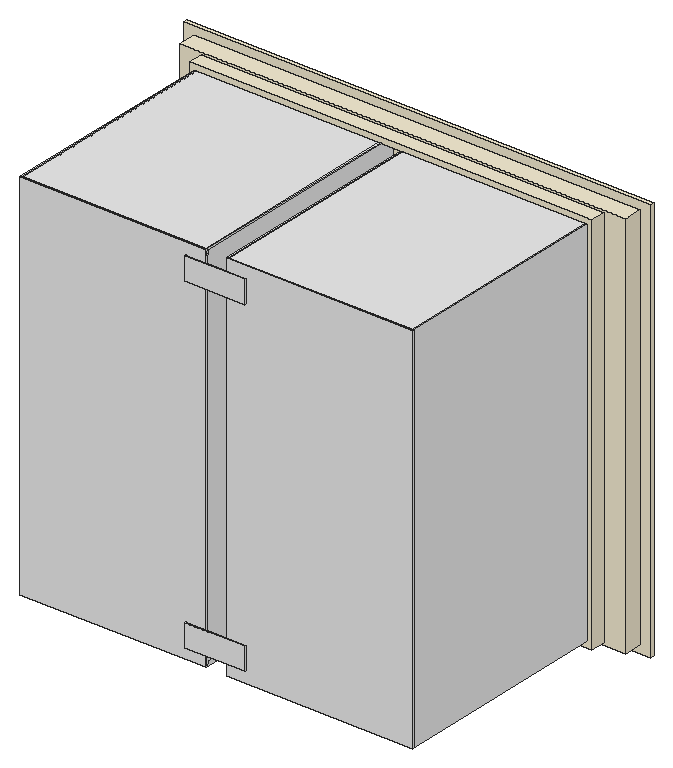
Revit family "Mailboxes_4C-Salsbury_Industries-Front_Load-7_Door_High_Units", category Specialty Equipment, host Wall, Revit 2016
Family settings
  Host = Wall
  Part Type = Normal
  Round Connector Dimension = Use Diameter
  OmniClass Number = 23.40.90.14.11
  OmniClass Title = Mail Boxes
  Always vertical = Yes
  Cut with Voids When Loaded = No
  Shared = No
  Room Calculation Point = No
Parameters (values of type "3707D-12 FL")
  Width = 31.09766"
  URL = "www.mailboxes.com"
  OmniClass 23 Title = "Mail Boxes"
  OmniClass 23 Number = "23.40.90.14.11"
  Visible Door Number [instance] = yes
  Vertical Center Divider = yes
  Version = "3.0 (06/30/17)"
  Type Comments = "4C Standard Horizontal Mailbox - Front Loading"
  Top Back Plate = yes
  Right Inside Wall = yes
  Model = "3707D-12 FL"
  MasterFormat Title = "Postal Specialties"
  MasterFormat Number = "10 55 00"
  Manufacturer = "Salsbury Industries"
  Lock Material = Stainless Steel - Salsbury Finish -  Polished
  Left Inside Wall = yes
  Keynote = ""
  Height = 27.000"
  Front Panel Material [instance] = Paint - Salsbury Finish - Sandstone
  Door Slot R7 Number [instance] = "12"
  Door Slot R7 = 3700 Series 4C Door Configurations : MB1 Door w/ Divider
  Door Slot R6 Number [instance] = "11"
  Door Slot R6 = 3700 Series 4C Door Configurations : MB1 Door w/ Divider
  Door Slot R5 Number [instance] = "10"
  Door Slot R5 = 3700 Series 4C Door Configurations : MB1 Door w/ Divider
  Door Slot R4 Number [instance] = "0"
  Door Slot R4 = 3700 Series 4C OM2 Configuration : OM2-FL
  Door Slot R3 Number [instance] = "0"
  Door Slot R3 = 3700 Series 4C Door Configurations : Empty
  Door Slot R2 Number [instance] = "9"
  Door Slot R2 = 3700 Series 4C Door Configurations : MB1 Door w/ Divider
  Door Slot R1 Number [instance] = "8"
  Door Slot R1 = 3700 Series 4C Door Configurations : MB1 Door
  Door Slot L7 Number [instance] = "7"
  Door Slot L7 = 3700 Series 4C Door Configurations : MB1 Door w/ Divider
  Door Slot L6 Number [instance] = "6"
  Door Slot L6 = 3700 Series 4C Door Configurations : MB1 Door w/ Divider
  Door Slot L5 Number [instance] = "5"
  Door Slot L5 = 3700 Series 4C Door Configurations : MB1 Door w/ Divider
  Door Slot L4 Number [instance] = "4"
  Door Slot L4 = 3700 Series 4C Door Configurations : MB1 Door w/ Divider
  Door Slot L3 Number [instance] = "3"
  Door Slot L3 = 3700 Series 4C Door Configurations : MB1 Door w/ Divider
  Door Slot L2 Number [instance] = "2"
  Door Slot L2 = 3700 Series 4C Door Configurations : MB1 Door w/ Divider
  Door Slot L1 Number [instance] = "1"
  Door Slot L1 = 3700 Series 4C Door Configurations : MB1 Door
  Description = "7 Door High Unit:  12 MB1, OM2"
  Depth = 17.025"
  Center Extrusion Offset [instance] = 0.000"
  Bottom Back Plate = yes
  Back Enclosure Material = Aluminum - Salsbury Finish - Anodized
  Assembly Description = "Mailboxes"
  Assembly Code = "C1030910"
  Above Finished Floor (AFF-Bottom of Unit) [instance] = 26.683"
  Above Finished Floor (AFF-Bottom Shelf) [instance] = 28.000"
Reference planes (in)
  plane 1 "Wall Centerline": y = 0
  plane 2 "Center (Left/Right)": x = 0
  plane 3 "Front": y = 3
  plane 4 "15" AFF": z = 28
  plane 5 "28" AFF": z = 28
  plane 6 "36" AFF": z = 36
  plane 7 "48" AFF": z = 48
  plane 8 "Bottom of Unit": z = 26.683
  plane 9 "Top of Unit": z = 53.683
  plane 10 "Left Side of Unit": x = 15.54883
  plane 11 "Right Side of Unit": x = -15.54883
  plane 12 "28" AFF_Bottom of Unit": z = 26.683
  plane 13 "Top Horiz Trim Align": z = 52.85225
  plane 14 "Bottom Horiz Trim Align": z = 27.515
  plane 15 "Left Trim Align": x = 14.716
  plane 16 "Right Trim Align": x = -14.716
  plane 17 "Left Door Align": x = 14.06641
  plane 18 "Right Door Align": x = -14.06641
  plane 19 "Top Horiz Door Align": z = 52.26125
  plane 20 "Bottom Horiz Door Align": z = 28
  plane 21 "Front Face of Unit": y = 3.265
  plane 22 "Top Housing Align": z = 53.179
  plane 23 "Top Collar Align": z = 53.031
  plane 24 "Top Box Align": z = 52.676
  plane 25 "Vertical Housing Align": y = 1.795
  plane 26 "Vertical Collar Align": y = 0.795
  plane 27 "Back of Unit": y = -13.76
  plane 28 "Bottom Housing Align": z = 27.187
  plane 29 "Bottom Collar Align": z = 27.335
  plane 30 "Bottom Box Align": z = 27.75
  plane 31 "Door Alignment": y = 2.66809
  plane 32 "Right Housing Align": x = -14.84183
  plane 33 "Right Collar Align": x = -13.40883
  plane 34 "Right Box Side Align": x = -13.08083
  plane 35 "Left Housing Align": x = 14.84183
  plane 36 "Left Collar Align": x = 13.40883
  plane 37 "Left Side Box Align": x = 13.08083
  plane 38 "Top Back Plate Align": z = 51.897
  plane 39 "Bottom Back Plate Align": z = 28.499
  plane 40 "Back": y = -3
  plane 41 "RO Left Side": x = 15.17383
  plane 42 "RO Right Side": x = -15.17383
  plane 43 "RO Bottom": z = 27.058
  plane 44 "RO Top": z = 53.308
  plane 45 "Horiz Centerline": z = 42.04237
  plane 46: z = 27.885
  plane 47: x = 12.99983
  plane 48: x = 12.92758
  plane 49 "Center Extrusion": x = 0
  plane 50 "Center Extrusion Offset": x = 0
  plane 51 "Row 7 Top Align": z = 31.5
  plane 52 "Row 6 Top Align": z = 35
  plane 53 "Row 5 Top Align": z = 38.5
  plane 54 "Row 4 Top Align": z = 42
  plane 55 "Row 3 Top Align": z = 45.5
  plane 56 "Row 2 Top Align": z = 49
  plane 57 "Row 16 Top Align-Private": z = 31.5
  plane 58 "Row 15 Top Align-Private": z = 35
  plane 59 "Row 14 Top Align-Private": z = 38.5
  plane 60 "Row 13 Top Align-Private": z = 42
  plane 61 "Row 12 Top Align-Private": z = 45.5
  plane 62 "Row 11 Top Align-Private": z = 49
  plane 63 "Row 10 Top Align-Private": z = 52.25
  plane 64 "Row 9 Top Align-Private": z = 55.75
  plane 65 "Row 8 Top Align-Private": z = 59.25
  plane 66 "Top of Face Gap": z = 61.25
  plane 67 "Top Latch Align": z = 44.376
  plane 68 "Bottom Latch Align": z = 36.05
  plane 69 "Right Latch Align": x = -0.69183
  plane 70 "Left Latch Align": x = 0.69098
  plane 71 "Latch Alignment Edge": x = -15.54883
  plane 72: x = -12.92783
  plane 73: x = -12.99983
  plane 74: y = -13.84203
  plane 75: x = -2
  plane 76: x = -0.7705
  plane 77: x = 0.7705
  plane 78: x = 2
  plane 79: y = -13.67797
  plane 80: x = -0.69098
  plane 81: x = 0.69183
  plane 82: z = 50.397
  plane 83: z = 29.999
  plane 84: z = 52.31729
  plane 85: z = 28.41625
  plane 86: z = 27.446
  plane 87: z = 28.055
Forms (in)
  Extrusion 1, void
    sketch origin (0, 3, 0) x (1, 0, 0) y (0, 0, 1)
      loop
        line (15.17383, 53.308) -> (-15.17383, 53.308) -> (-15.17383, 27.058) -> (15.17383, 27.058) -> (15.17383, 53.308)
    from 0 to 15.27914
  Extrusion 2, solid, material "Paint - Salsbury Finish - Sandstone" <- "Front Panel Material"
    sketch origin (0, 3, 0) x (1, 0, 0) y (0, 0, 1)
      loop
        line (15.54883, 53.683) -> (-15.54883, 53.683) -> (-15.54883, 26.683) -> (15.54883, 26.683) -> (15.54883, 53.683)
    from -0.265 to 0
  Extrusion 3, void
    sketch origin (0, 3.265, 0.00774) x (0, 0, -1) y (-1, 0, 0)
      loop
        line (-52.84451, -14.716) -> (-27.50726, -14.716) -> (-27.50726, 14.716) -> (-52.84451, 14.716) -> (-52.84451, -14.716)
    from -0.265 to 0
  Extrusion 4, solid, material "Paint - Salsbury Finish - Sandstone" <- "Front Panel Material"
    sketch origin (14.98214, 3.265, -1.67978) x (0, 0, -1) y (-1, 0, 0)
      loop
        line (-54.53203, 29.69814) -> (-54.53203, 29.04855) -> (-29.19478, 29.04855) -> (-29.19478, 29.69814) -> (-54.53203, 29.69814)
    from 0 to -0.265
  Extrusion 5, solid, material "Paint - Salsbury Finish - Sandstone" <- "Front Panel Material"
    sketch origin (0, 3.265, 0) x (0, 0, -1) y (-1, 0, 0)
      loop
        line (-27.515, -14.06641) -> (-27.515, 14.06641) -> (-28, 14.06641) -> (-28, -14.06641) -> (-27.515, -14.06641)
    from -0.265 to 0
  Extrusion 6, solid, material "Paint - Salsbury Finish - Sandstone" <- "Front Panel Material"
    sketch origin (0, 3, 84.08475) x (1, 0, 0) y (0, 0, 1)
      loop
        line (-14.84183, -56.89775) -> (14.84183, -56.89775) -> (14.84183, -30.90575) -> (-14.84183, -30.90575) -> (-14.84183, -56.89775)
    from 0 to 1.205
  Extrusion 7, solid, material "Paint - Salsbury Finish - Sandstone" <- "Front Panel Material"
    sketch origin (0, 1.795, 0) x (0, 0, 1) y (-1, 0, 0)
      loop
        line (27.335, 13.40883) -> (27.335, -13.40883) -> (53.031, -13.40883) -> (53.031, 13.40883) -> (27.335, 13.40883)
    from 0 to 1
  Extrusion 8, void
    sketch origin (0, 1.795, 0) x (0, 0, 1) y (-1, 0, 0)
      loop
        line (52.676, 13.08083) -> (27.75, 13.08083) -> (27.75, -13.08083) -> (52.676, -13.08083) -> (52.676, 13.08083)
    from 0 to 1
  Extrusion 9, solid, material "Paint - Salsbury Finish - Sandstone" <- "Front Panel Material"
    sketch origin (0, 3.265, 0) x (0, 0, -1) y (-1, 0, 0)
      loop
        line (-52.85225, -14.716) -> (-27.515, -14.716) -> (-27.515, -14.06641) -> (-52.85225, -14.06641) -> (-52.85225, -14.716)
    from 0 to -0.265
  Extrusion 10, solid, material "Paint - Salsbury Finish - Sandstone" <- "Front Panel Material"
    sketch origin (0, 3.265, 0) x (0, 0, -1) y (-1, 0, 0)
      loop
        line (-52.85225, -14.06641) -> (-52.26125, -14.06641) -> (-52.26125, 14.06641) -> (-52.85225, 14.06641) -> (-52.85225, -14.06641)
    from -0.265 to 0
  Extrusion 11, void
    sketch origin (0, 1.795, 0) x (0, 0, 1) y (-1, 0, 0)
      loop
        line (53.031, -13.40883) -> (53.031, 13.40883) -> (27.335, 13.40883) -> (27.335, -13.40883) -> (53.031, -13.40883)
    from -1.124 to 0
  Extrusion 12, void
    sketch origin (0, 3, 0) x (1, 0, 0) y (0, 0, 1)
      loop
        line (14.06641, 53.031) -> (-14.06641, 53.031) -> (-14.06641, 27.335) -> (14.06641, 27.335) -> (14.06641, 53.031)
    from 0 to 0.33191
  Extrusion 13, solid, material "Aluminum - Salsbury Finish - Anodized" <- "Back Enclosure Material"
    sketch origin (-0.58189, 1.795, 0) x (0, 0, 1) y (-1, 0, 0)
      loop
        line (52.676, 12.49894) -> (27.75, 12.49894) -> (27.75, 12.41794) -> (52.676, 12.41794) -> (52.676, 12.49894)
    from 0 to 15.47297
  Extrusion 14, solid, material "Aluminum - Salsbury Finish - Anodized" <- "Back Enclosure Material", visible <- "Right Inside Wall"
    sketch origin (11.7675, 1.795, 0) x (0, 0, 1) y (-1, 0, 0)
      loop
        line (52.676, 12.538) -> (27.75, 12.538) -> (27.75, 12.45933) -> (52.676, 12.45933) -> (52.676, 12.538)
    from 0 to 15.47297
  Extrusion 15, solid, material "Aluminum - Salsbury Finish - Anodized" <- "Back Enclosure Material"
    sketch origin (0.54283, 1.795, 0) x (0, 0, 1) y (-1, 0, 0)
      loop
        line (52.676, -12.538) -> (52.676, -12.457) -> (27.75, -12.457) -> (27.75, -12.538) -> (52.676, -12.538)
    from 0 to 15.47297
  Extrusion 16, solid, material "Aluminum - Salsbury Finish - Anodized" <- "Back Enclosure Material", visible <- "Left Inside Wall"
    sketch origin (-11.7675, 1.795, 0) x (0, 0, 1) y (-1, 0, 0)
      loop
        line (52.676, -12.538) -> (52.676, -12.45849) -> (27.75, -12.45849) -> (27.75, -12.538) -> (52.676, -12.538)
    from 0 to 15.47297
  Extrusion 17, solid, material "Aluminum - Salsbury Finish - Anodized" <- "Back Enclosure Material"
    sketch origin (0, -13.76, 0) x (0, 0, 1) y (-1, 0, 0)
      loop
        line (52.676, 13.08083) -> (27.75, 13.08083) -> (27.75, -13.08083) -> (52.676, -13.08083) -> (52.676, 13.08083)
    from -0.08203 to 0
  Extrusion 18, solid, material "Aluminum - Salsbury Finish - Anodized" <- "Back Enclosure Material"
    sketch origin (-0.15625, 0, 52.676) x (0, 1, 0) y (-1, 0, 0)
      loop
        line (1.795, 12.84358) -> (-13.67797, 12.84358) -> (-13.67797, -13.15608) -> (1.795, -13.15608) -> (1.795, 12.84358)
    from -0.35871 to 0
  Extrusion 19, void
    sketch origin (0, 0, 52.676) x (0, 1, 0) y (-1, 0, 0)
      loop
        line (1.7325, 12.93342) -> (-13.61547, 12.93342) -> (-13.61547, -12.92758) -> (1.7325, -12.92758) -> (1.7325, 12.93342)
    from -0.0723 to -0.6459
  Extrusion 20, solid, material "Aluminum - Salsbury Finish - Anodized" <- "Back Enclosure Material"
    sketch origin (0, 0, 15.41625) x (1, 0, 0) y (0, 1, 0)
      loop
        line (-12.99983, 1.795) -> (-12.99983, -13.67797) -> (12.99983, -13.67797) -> (12.99983, 1.795) -> (-12.99983, 1.795)
    from 12.46875 to 13
  Extrusion 21, void
    sketch origin (0, 0, 27.91625) x (1, 0, 0) y (0, 1, 0)
      loop
        line (-12.93342, 1.7325) -> (-12.93342, -13.61547) -> (12.92758, -13.61547) -> (12.92758, 1.7325) -> (-12.93342, 1.7325)
    from 0.13875 to -0.47025
  Extrusion 22, solid, material "Aluminum - Salsbury Finish - Anodized" <- "Back Enclosure Material", visible <- "Top Back Plate", detail levels medium+fine
    sketch origin (0, -13.76, 0) x (0, 0, 1) y (-1, 0, 0)
      loop
        line (51.897, 2) -> (50.397, 2) -> (50.397, -2) -> (51.897, -2) -> (51.897, 2)
    from 0 to 0.08203
  Extrusion 23, solid, material "Aluminum - Salsbury Finish - Anodized" <- "Back Enclosure Material", visible <- "Bottom Back Plate", detail levels medium+fine
    sketch origin (0, -13.76, 84.11475) x (0, 0, -1) y (1, 0, 0)
      loop
        line (55.61575, -2) -> (55.61575, 2) -> (54.11575, 2) -> (54.11575, -2) -> (55.61575, -2)
    from 0 to 0.08203
  Extrusion 24, void
    sketch origin (0, 0, 0) x (0, 0, -1) y (0, 1, 0)
      loop
        line (-52.676, 1.795) -> (-52.676, -13.76) -> (-27.75, -13.76) -> (-27.75, 1.795) -> (-27.515, 1.795) -> (-27.515, 3.265) -> (-52.85225, 3.265) -> (-52.85225, 1.795) -> (-52.676, 1.795)
    from -0.69098 to 0.69183
  Extrusion 25, solid, material "Paint - Salsbury Finish - Sandstone" <- "Front Panel Material", visible <- "Vertical Center Divider"
    sketch origin (-0.77934, 3.265, 0) x (0, 0, -1) y (-1, 0, 0)
      loop
        line (-52.85225, -1.47033) -> (-27.515, -1.47033) -> (-27.515, -0.08752) -> (-52.85225, -0.08752) -> (-52.85225, -1.47033)
    from 0 to -1.47
Cuts and joins
  Extrusion 3, Extrusion 11, Extrusion 24 cuts Extrusion 2
  Extrusion 8, Extrusion 11, Extrusion 12, Extrusion 24 cuts Extrusion 5
  Extrusion 8, Extrusion 12, Extrusion 19, Extrusion 24 cuts Extrusion 7
  Extrusion 11, Extrusion 12, Extrusion 24 cuts Extrusion 10
  Extrusion 11, Extrusion 12 cuts Extrusion 6
  Extrusion 12 cuts Extrusion 4
  Extrusion 12 cuts Extrusion 9
  Extrusion 19, Extrusion 21, Extrusion 24 cuts Extrusion 18
  Extrusion 21, Extrusion 24 cuts Extrusion 20
  Extrusion 24 cuts Extrusion 17
  Extrusion 24 cuts Extrusion 22
  Extrusion 24 cuts Extrusion 23
Lines and regions (in)
  model lines
    curve 1: line (15.54883, 3.265, 53.683) -> (14.716, 3.265, 52.85225)
    curve 2: line (-15.54883, 3.265, 53.683) -> (-14.716, 3.265, 52.85225)
    curve 3: line (-15.54883, 3.265, 26.683) -> (-14.716, 3.265, 27.515)
    curve 4: line (15.54883, 3.265, 26.683) -> (14.716, 3.265, 27.515)
  reference lines
    curve 5: line (-14.06641, 2.66809, 26.683) -> (-14.06641, 2.66809, 53.683)
    curve 6: line (14.06641, 2.66809, 26.683) -> (14.06641, 2.66809, 53.683)
  symbolic lines
    curve 7: line (-13.08083, -13.76, 28) -> (13.08083, -13.76, 28)
    curve 8: line (-13.08083, 0.795, 28) -> (-13.08083, -13.76, 28)
    curve 9: line (13.40883, 0.795, 28) -> (-13.40883, 0.795, 28)
    curve 10: line (13.08083, -13.76, 28) -> (13.08083, 0.795, 28)
    curve 11: line (13.40883, 0.795, 28) -> (13.40883, 1.795, 28)
    curve 12: line (-13.40883, 0.795, 28) -> (-13.40883, 1.795, 28)
    curve 13: line (-14.84183, 3, 28) -> (-14.84183, 1.795, 28)
    curve 14: line (-14.84183, 1.795, 28) -> (14.84183, 1.795, 28)
    curve 15: line (14.84183, 1.795, 28) -> (14.84183, 3, 28)
    curve 16: line (-15.54883, 3.265, 28) -> (15.54883, 3.265, 28)
    curve 17: line (-15.54883, 3, 28) -> (-15.54883, 3.265, 28)
    curve 18: line (15.54883, 3, 28) -> (-15.54883, 3, 28)
    curve 19: line (15.54883, 3.265, 28) -> (15.54883, 3, 28)
    curve 20: line (-14.06641, 3.265, 28) -> (-14.06641, 4.43, 28)
    curve 21: line (-14.06641, 4.43, 28) -> (-0.69183, 4.43, 28)
    curve 22: line (-0.69183, 4.43, 28) -> (-0.69183, 3.265, 28)
Text (in)
  text "Placement Side" at (0, 40.15149, 123.01588), in view "Right"
  text "Placement Side" at (-58.6842, 42.74981, 0), in view "Ref. Level"
  text "Placement Side" at (0, 47.49176, 140.59947), in view "Left"
Dimensions and locks (in)
  locked: plane 3 "Front" to host wall
  "Above Finished Floor (AFF-Bottom Shelf)": level to plane 4 "15" AFF"
  locked: level to plane 5 "28" AFF" at 28
  locked: level to plane 6 "36" AFF" at 36
  locked: level to plane 7 "48" AFF" at 48
  equal spacing: plane 11 "Right Side of Unit", plane 2 "Center (Left/Right)", plane 10 "Left Side of Unit"
  plane 8 "Bottom of Unit" to plane 4 "15" AFF" = 1.317"
  "Width": plane 11 "Right Side of Unit" to plane 10 "Left Side of Unit"
  "Height": plane 8 "Bottom of Unit" to plane 9 "Top of Unit"
  plane 12 "28" AFF_Bottom of Unit" to plane 5 "28" AFF" = 1.317"
  locked: plane 15 "Left Trim Align" to plane 10 "Left Side of Unit" at 0.83283
  locked: plane 16 "Right Trim Align" to plane 11 "Right Side of Unit" at 0.83283
  locked: plane 13 "Top Horiz Trim Align" to plane 9 "Top of Unit" at 0.83075
  locked: plane 8 "Bottom of Unit" to plane 14 "Bottom Horiz Trim Align" at 0.832
  plane 17 "Left Door Align" to plane 15 "Left Trim Align" = 0.64959"
  plane 18 "Right Door Align" to plane 16 "Right Trim Align" = 0.64959"
  locked: plane 19 "Top Horiz Door Align" to plane 13 "Top Horiz Trim Align" at 0.591
  locked: plane 14 "Bottom Horiz Trim Align" to plane 20 "Bottom Horiz Door Align" at 0.485
  plane 20 "Bottom Horiz Door Align" to level = 28.000"
  plane 5 "28" AFF" to level = 28.000"
  plane 6 "36" AFF" to level = 36.000"
  plane 7 "48" AFF" to level = 48.000"
  plane 9 "Top of Unit" to plane 8 "Bottom of Unit" = 27.000"
  plane 21 "Front Face of Unit" to host wall = 0.265"
  locked: host wall to plane 25 "Vertical Housing Align" at 1.205
  locked: plane 25 "Vertical Housing Align" to plane 26 "Vertical Collar Align" at 1
  plane 25 "Vertical Housing Align" to plane 27 "Back of Unit" = 15.555"
  "Depth": plane 21 "Front Face of Unit" to plane 27 "Back of Unit"
  locked: plane 9 "Top of Unit" to plane 22 "Top Housing Align" at 0.504
  locked: plane 22 "Top Housing Align" to plane 23 "Top Collar Align" at 0.148
  locked: plane 23 "Top Collar Align" to plane 24 "Top Box Align" at 0.355
  locked: plane 28 "Bottom Housing Align" to plane 8 "Bottom of Unit" at 0.504
  locked: plane 29 "Bottom Collar Align" to plane 28 "Bottom Housing Align" at 0.148
  locked: plane 30 "Bottom Box Align" to plane 29 "Bottom Collar Align" at 0.415
  plane 24 "Top Box Align" to plane 30 "Bottom Box Align" = 24.926"  (x2)
  locked: plane 21 "Front Face of Unit" to plane 31 "Door Alignment" at 0.59691
  plane 11 "Right Side of Unit" to plane 32 "Right Housing Align" to plane 33 "Right Collar Align" to plane 34 "Right Box Side Align" = 0.707" locked, 1.433" locked, 0.328" locked
  plane 37 "Left Side Box Align" to plane 36 "Left Collar Align" to plane 35 "Left Housing Align" to plane 10 "Left Side of Unit" = 0.328" locked, 1.433" locked, 0.707" locked
  plane 11 "Right Side of Unit" to plane 32 "Right Housing Align" to plane 33 "Right Collar Align" to plane 34 "Right Box Side Align" = 0.707", 1.433", 0.328"
  plane 37 "Left Side Box Align" to plane 36 "Left Collar Align" to plane 35 "Left Housing Align" to plane 10 "Left Side of Unit" = 0.328", 1.433", 0.707"
  plane 9 "Top of Unit" to plane 24 "Top Box Align" = 1.007"
  plane 30 "Bottom Box Align" to plane 8 "Bottom of Unit" = 1.067"
  locked: plane 24 "Top Box Align" to plane 38 "Top Back Plate Align" at 0.779
  locked: plane 39 "Bottom Back Plate Align" to plane 30 "Bottom Box Align" at 0.749
  locked: plane 41 "RO Left Side" to plane 10 "Left Side of Unit" at 0.375
  locked: plane 42 "RO Right Side" to plane 11 "Right Side of Unit" at 0.375
  locked: plane 8 "Bottom of Unit" to plane 43 "RO Bottom" at 0.375
  locked: plane 44 "RO Top" to plane 9 "Top of Unit" at 0.375
  Extrusion 13 to Extrusion 13 = 0.081"
  plane 46 to plane 30 "Bottom Box Align" = 0.135"
  Extrusion 15 to Extrusion 15 = 0.081"
  plane 47 to plane 37 "Left Side Box Align" = 0.081"
  plane 48 to plane 47 = 0.07225"
  plane 18 "Right Door Align" to plane 17 "Left Door Align" = 28.13281"
  "Center Extrusion Offset": plane 49 "Center Extrusion" to plane 50 "Center Extrusion Offset"
  plane 20 "Bottom Horiz Door Align" to plane 51 "Row 7 Top Align" to plane 52 "Row 6 Top Align" to plane 53 "Row 5 Top Align" to plane 54 "Row 4 Top Align" to plane 55 "Row 3 Top Align" to plane 56 "Row 2 Top Align" = 3.500", 3.500" locked, 3.500" locked, 3.500" locked, 3.500" locked, 3.500" locked
  plane 4 "15" AFF" to plane 57 "Row 16 Top Align-Private" = 3.500"
  plane 57 "Row 16 Top Align-Private" to plane 58 "Row 15 Top Align-Private" to plane 59 "Row 14 Top Align-Private" to plane 60 "Row 13 Top Align-Private" to plane 61 "Row 12 Top Align-Private" to plane 62 "Row 11 Top Align-Private" to plane 63 "Row 10 Top Align-Private" to plane 64 "Row 9 Top Align-Private" to plane 65 "Row 8 Top Align-Private" = 3.500" locked, 3.500" locked, 3.500" locked, 3.500" locked, 3.500" locked, 3.250" locked, 3.500" locked, 3.500" locked
  locked: plane 65 "Row 8 Top Align-Private" to plane 66 "Top of Face Gap" at 2
  "Above Finished Floor (AFF-Bottom of Unit)": level to plane 8 "Bottom of Unit"
  locked: plane 69 "Right Latch Align" to plane 70 "Left Latch Align" at 1.38281
  plane 24 "Top Box Align" to plane 67 "Top Latch Align" = 8.300"
  plane 68 "Bottom Latch Align" to plane 30 "Bottom Box Align" = 8.300"
  plane 71 "Latch Alignment Edge" to plane 69 "Right Latch Align" = 14.857"
  curve 15 to curve 19 = 0.707"
  plane 34 "Right Box Side Align" to plane 73 to plane 72 = 0.081", 0.072"
  plane 74 to plane 27 "Back of Unit" = 0.08203"
  plane 27 "Back of Unit" to plane 79 = 0.08203"
  cut or joined group of Extrusion 6, Extrusion 11, Extrusion 12 to Extrusion 25 = 25.66525"
  plane 75 to plane 76 to plane 69 "Right Latch Align" to plane 50 "Center Extrusion Offset" = 1.2295", 0.07867", 0.69183"
  plane 50 "Center Extrusion Offset" to plane 70 "Left Latch Align" to plane 77 to plane 78 = 0.69098", 0.07952", 1.2295"
  plane 80 to plane 49 "Center Extrusion" to plane 81 = 0.69098" locked, 0.69183" locked
  plane 11 "Right Side of Unit" to Extrusion 2 = 31.09766"
  plane 10 "Left Side of Unit" to Extrusion 6 = 30.39066"
  plane 38 "Top Back Plate Align" to plane 82 = 1.500"
  plane 83 to plane 39 "Bottom Back Plate Align" = 1.500"
  plane 4 "15" AFF" to Extrusion 13 = 24.676"
  plane 4 "15" AFF" to Extrusion 14 = 24.676"
  Extrusion 14 to Extrusion 16 = 24.926"
  Extrusion 16 to Extrusion 15 = 24.926"
  locked: plane 84 to plane 24 "Top Box Align" at 0.35871
  plane 14 "Bottom Horiz Trim Align" to plane 85 = 0.90125"
  plane 86 to plane 30 "Bottom Box Align" to plane 87 = 0.304" locked, 0.305" locked
  aligned and locked: plane 8 "Bottom of Unit" to Extrusion 2 sketch curve
  aligned and locked: plane 10 "Left Side of Unit" to Extrusion 2 sketch curve
  aligned and locked: Extrusion 2 sketch curve to plane 11 "Right Side of Unit"
  aligned and locked: Extrusion 2 sketch curve to plane 9 "Top of Unit"
  aligned and locked: plane 21 "Front Face of Unit" to Extrusion 2
  aligned and locked: Extrusion 4 to plane 16 "Right Trim Align"
  aligned and locked: plane 18 "Right Door Align" to Extrusion 4
  aligned and locked: plane 13 "Top Horiz Trim Align" to Extrusion 4
  aligned and locked: Extrusion 5 to plane 14 "Bottom Horiz Trim Align"
  aligned and locked: Extrusion 5 to plane 17 "Left Door Align"
  aligned and locked: plane 20 "Bottom Horiz Door Align" to Extrusion 5
  aligned and locked: Extrusion 5 to plane 18 "Right Door Align"
  aligned and locked: plane 34 "Right Box Side Align" to Extrusion 17 sketch curve
  aligned and locked: Extrusion 17 sketch curve to plane 24 "Top Box Align"
  aligned and locked: Extrusion 17 sketch curve to plane 37 "Left Side Box Align"
  aligned and locked: plane 30 "Bottom Box Align" to Extrusion 17 sketch curve
  aligned and locked: plane 25 "Vertical Housing Align" to Extrusion 18 sketch curve
  aligned and locked: Extrusion 18 sketch curve to plane 47
  aligned and locked: plane 48 to Extrusion 19
  aligned and locked: plane 47 to cut or joined group of Extrusion 18, Extrusion 19, Extrusion 21, Extrusion 24
  aligned and locked: plane 25 "Vertical Housing Align" to Extrusion 20 sketch curve
  aligned and locked: Extrusion 20 sketch curve to plane 47
  aligned and locked: plane 48 to cut or joined group of Extrusion 20, Extrusion 21, Extrusion 24
  aligned and locked: plane 17 "Left Door Align" to cut or joined group of Extrusion 9, Extrusion 12
  aligned and locked: plane 25 "Vertical Housing Align" to Extrusion 25
  aligned and locked: plane 21 "Front Face of Unit" to Extrusion 25
  aligned and locked: nested 1 to plane 56 "Row 2 Top Align"
  aligned and locked: nested 8 to plane 17 "Left Door Align"
  aligned and locked: nested 8 to plane 56 "Row 2 Top Align"
  aligned and locked: plane 31 "Door Alignment" to nested 8  (x2)
  aligned and locked: nested 9 to plane 17 "Left Door Align"
  aligned and locked: nested 9 to plane 55 "Row 3 Top Align"
  aligned and locked: plane 31 "Door Alignment" to nested 9  (x2)
  aligned and locked: nested 7 to curve 5
  aligned and locked: nested 6 to curve 5
  aligned and locked: nested 5 to curve 5
  aligned and locked: nested 3 to curve 5
  aligned and locked: nested 14 to curve 6
  aligned and locked: nested 13 to curve 6
  aligned and locked: nested 12 to curve 6
  aligned and locked: nested 11 to curve 6
  aligned and locked: nested 10 to curve 6
  aligned and locked: nested 9 to curve 6
  aligned and locked: nested 8 to curve 6
  aligned and locked: plane 31 "Door Alignment" to nested 6
  aligned and locked: plane 31 "Door Alignment" to nested 13
  aligned and locked: plane 31 "Door Alignment" to nested 5
  aligned and locked: plane 31 "Door Alignment" to nested 3
  aligned and locked: plane 31 "Door Alignment" to nested 10
  aligned and locked: plane 31 "Door Alignment" to nested 12
  aligned and locked: plane 31 "Door Alignment" to nested 2
  aligned and locked: plane 31 "Door Alignment" to nested 4
  aligned and locked: nested 1 to curve 5
  aligned and locked: nested 2 to curve 5
  aligned and locked: nested 4 to curve 5
  aligned and locked: plane 31 "Door Alignment" to nested 1
  aligned and locked: plane 31 "Door Alignment" to nested 7
  aligned and locked: plane 11 "Right Side of Unit" to plane 71 "Latch Alignment Edge"
  aligned and locked: plane 37 "Left Side Box Align" to curve 10
  aligned and locked: plane 27 "Back of Unit" to curve 7
  aligned and locked: curve 8 to plane 34 "Right Box Side Align"
  aligned and locked: curve 9 to plane 26 "Vertical Collar Align"
  aligned and locked: curve 13 to cut or joined group of Extrusion 6, Extrusion 11, Extrusion 12
  aligned and locked: curve 14 to cut or joined group of Extrusion 6, Extrusion 11, Extrusion 12
  aligned and locked: curve 15 to cut or joined group of Extrusion 6, Extrusion 11, Extrusion 12
  aligned and locked: nested 1 to curve 20
  aligned and locked: plane 69 "Right Latch Align" to curve 22
  aligned and locked: plane 21 "Front Face of Unit" to cut or joined group of Extrusion 2, Extrusion 3, Extrusion 11, Extrusion 24
  aligned and locked: plane 3 "Front" to cut or joined group of Extrusion 2, Extrusion 3, Extrusion 11, Extrusion 24
  aligned and locked: plane 35 "Left Housing Align" to cut or joined group of Extrusion 6, Extrusion 11, Extrusion 12  (x2)
  aligned and locked: plane 25 "Vertical Housing Align" to cut or joined group of Extrusion 6, Extrusion 11, Extrusion 12
  aligned and locked: cut or joined group of Extrusion 6, Extrusion 11, Extrusion 12 to plane 3 "Front"
  aligned and locked: cut or joined group of Extrusion 6, Extrusion 11, Extrusion 12 to plane 32 "Right Housing Align"
  aligned and locked: plane 26 "Vertical Collar Align" to cut or joined group of Extrusion 7, Extrusion 8, Extrusion 12, Extrusion 19, Extrusion 24
  aligned and locked: cut or joined group of Extrusion 7, Extrusion 8, Extrusion 12, Extrusion 19, Extrusion 24 to plane 33 "Right Collar Align"
  aligned and locked: cut or joined group of Extrusion 7, Extrusion 8, Extrusion 12, Extrusion 19, Extrusion 24 to plane 25 "Vertical Housing Align"
  aligned and locked: plane 36 "Left Collar Align" to cut or joined group of Extrusion 7, Extrusion 8, Extrusion 12, Extrusion 19, Extrusion 24
  aligned and locked: plane 37 "Left Side Box Align" to Extrusion 15
  aligned and locked: Extrusion 15 to plane 47  (x2)
  aligned and locked: plane 27 "Back of Unit" to cut or joined group of Extrusion 17, Extrusion 24
  aligned and locked: Extrusion 13 to plane 34 "Right Box Side Align"
  aligned and locked: plane 37 "Left Side Box Align" to cut or joined group of Extrusion 17, Extrusion 24
  aligned and locked: plane 73 to Extrusion 13
  aligned and locked: cut or joined group of Extrusion 18, Extrusion 19, Extrusion 21, Extrusion 24 to plane 73
  aligned and locked: plane 74 to cut or joined group of Extrusion 22, Extrusion 24
  aligned and locked: plane 74 to cut or joined group of Extrusion 23, Extrusion 24
  aligned and locked: cut or joined group of Extrusion 22, Extrusion 24 to plane 27 "Back of Unit"
  aligned and locked: cut or joined group of Extrusion 23, Extrusion 24 to plane 27 "Back of Unit"
  aligned and locked: plane 77 to Extrusion 16
  aligned and locked: Extrusion 14 to plane 76
  aligned and locked: plane 78 to cut or joined group of Extrusion 22, Extrusion 24
  aligned and locked: plane 75 to cut or joined group of Extrusion 22, Extrusion 24  (x2)
  aligned and locked: plane 75 to cut or joined group of Extrusion 23, Extrusion 24  (x2)
  aligned and locked: cut or joined group of Extrusion 23, Extrusion 24 to plane 78  (x2)
  aligned and locked: plane 79 to cut or joined group of Extrusion 17, Extrusion 24
  aligned and locked: plane 79 to cut or joined group of Extrusion 18, Extrusion 19, Extrusion 21, Extrusion 24
  aligned and locked: Extrusion 15 to plane 25 "Vertical Housing Align"
  aligned and locked: Extrusion 16 to plane 25 "Vertical Housing Align"
  aligned and locked: Extrusion 14 to plane 25 "Vertical Housing Align"
  aligned and locked: Extrusion 13 to plane 25 "Vertical Housing Align"
  aligned and locked: plane 79 to Extrusion 15
  aligned and locked: plane 79 to Extrusion 16
  aligned and locked: plane 79 to Extrusion 14
  aligned and locked: plane 79 to Extrusion 13
  aligned and locked: Extrusion 14 to plane 69 "Right Latch Align"
  aligned and locked: plane 13 "Top Horiz Trim Align" to cut or joined group of Extrusion 9, Extrusion 12
  aligned and locked: cut or joined group of Extrusion 9, Extrusion 12 to plane 15 "Left Trim Align"
  aligned and locked: cut or joined group of Extrusion 9, Extrusion 12 to plane 14 "Bottom Horiz Trim Align"
  aligned and locked: cut or joined group of Extrusion 4, Extrusion 12 to plane 14 "Bottom Horiz Trim Align"
  aligned and locked: cut or joined group of Extrusion 10, Extrusion 11, Extrusion 12, Extrusion 24 to plane 17 "Left Door Align"
  aligned and locked: cut or joined group of Extrusion 10, Extrusion 11, Extrusion 12, Extrusion 24 to plane 18 "Right Door Align"
  aligned and locked: cut or joined group of Extrusion 10, Extrusion 11, Extrusion 12, Extrusion 24 to plane 19 "Top Horiz Door Align"
  aligned and locked: plane 13 "Top Horiz Trim Align" to cut or joined group of Extrusion 10, Extrusion 11, Extrusion 12, Extrusion 24
  aligned and locked: plane 21 "Front Face of Unit" to cut or joined group of Extrusion 9, Extrusion 12
  aligned and locked: plane 3 "Front" to cut or joined group of Extrusion 9, Extrusion 12
  aligned and locked: plane 21 "Front Face of Unit" to cut or joined group of Extrusion 4, Extrusion 12
  aligned and locked: plane 3 "Front" to cut or joined group of Extrusion 4, Extrusion 12
  aligned and locked: plane 13 "Top Horiz Trim Align" to Extrusion 25
  aligned and locked: Extrusion 25 to plane 14 "Bottom Horiz Trim Align"
  aligned and locked: plane 69 "Right Latch Align" to Extrusion 25
  aligned and locked: Extrusion 25 to plane 70 "Left Latch Align"
  aligned and locked: plane 70 "Left Latch Align" to Extrusion 16
  aligned and locked: plane 80 to Extrusion 24
  aligned and locked: plane 81 to Extrusion 24
  aligned and locked: plane 27 "Back of Unit" to Extrusion 24
  aligned and locked: plane 21 "Front Face of Unit" to Extrusion 24
  aligned and locked: plane 9 "Top of Unit" to curve 5
  aligned and locked: plane 8 "Bottom of Unit" to curve 5
  aligned and locked: plane 8 "Bottom of Unit" to curve 6
  aligned and locked: curve 6 to plane 17 "Left Door Align"
  aligned and locked: plane 22 "Top Housing Align" to cut or joined group of Extrusion 6, Extrusion 11, Extrusion 12
  aligned and locked: plane 28 "Bottom Housing Align" to cut or joined group of Extrusion 6, Extrusion 11, Extrusion 12
  aligned and locked: cut or joined group of Extrusion 7, Extrusion 8, Extrusion 12, Extrusion 19, Extrusion 24 to plane 29 "Bottom Collar Align"
  aligned and locked: plane 23 "Top Collar Align" to cut or joined group of Extrusion 7, Extrusion 8, Extrusion 12, Extrusion 19, Extrusion 24
  aligned and locked: plane 10 "Left Side of Unit" to curve 1
  aligned and locked: plane 9 "Top of Unit" to curve 1
  aligned and locked: plane 15 "Left Trim Align" to curve 1
  aligned and locked: plane 13 "Top Horiz Trim Align" to curve 1
  aligned and locked: plane 11 "Right Side of Unit" to curve 2
  aligned and locked: plane 9 "Top of Unit" to curve 2
  aligned and locked: plane 16 "Right Trim Align" to curve 2
  aligned and locked: plane 13 "Top Horiz Trim Align" to curve 2
  aligned and locked: plane 10 "Left Side of Unit" to curve 4
  aligned and locked: plane 8 "Bottom of Unit" to curve 4
  aligned and locked: plane 15 "Left Trim Align" to curve 4
  aligned and locked: plane 14 "Bottom Horiz Trim Align" to curve 4
  aligned and locked: plane 8 "Bottom of Unit" to curve 3
  aligned and locked: plane 11 "Right Side of Unit" to curve 3
  aligned and locked: plane 16 "Right Trim Align" to curve 3
  aligned and locked: plane 14 "Bottom Horiz Trim Align" to curve 3
  aligned and locked: cut or joined group of Extrusion 22, Extrusion 24 to plane 38 "Top Back Plate Align"
  aligned and locked: cut or joined group of Extrusion 22, Extrusion 24 to plane 78
  aligned and locked: plane 82 to cut or joined group of Extrusion 22, Extrusion 24
  aligned and locked: cut or joined group of Extrusion 23, Extrusion 24 to plane 39 "Bottom Back Plate Align"
  aligned and locked: plane 83 to cut or joined group of Extrusion 23, Extrusion 24
  aligned and locked: plane 24 "Top Box Align" to Extrusion 13
  aligned and locked: Extrusion 13 to plane 30 "Bottom Box Align"
  aligned and locked: plane 24 "Top Box Align" to Extrusion 14
  aligned and locked: Extrusion 14 to plane 30 "Bottom Box Align"
  aligned and locked: Extrusion 16 to plane 30 "Bottom Box Align"
  aligned and locked: plane 24 "Top Box Align" to Extrusion 16
  aligned and locked: plane 24 "Top Box Align" to Extrusion 15
  aligned and locked: Extrusion 15 to plane 30 "Bottom Box Align"
  aligned and locked: plane 24 "Top Box Align" to cut or joined group of Extrusion 18, Extrusion 19, Extrusion 21, Extrusion 24
  aligned and locked: plane 84 to cut or joined group of Extrusion 18, Extrusion 19, Extrusion 21, Extrusion 24
  aligned and locked: cut or joined group of Extrusion 20, Extrusion 21, Extrusion 24 to plane 46
  aligned and locked: plane 85 to cut or joined group of Extrusion 20, Extrusion 21, Extrusion 24
  aligned and locked: plane 79 to cut or joined group of Extrusion 20, Extrusion 21, Extrusion 24
  aligned and locked: cut or joined group of Extrusion 20, Extrusion 21, Extrusion 24 to plane 73
  aligned and locked: plane 21 "Front Face of Unit" to cut or joined group of Extrusion 5, Extrusion 8, Extrusion 11, Extrusion 12, Extrusion 24
  aligned and locked: plane 3 "Front" to cut or joined group of Extrusion 5, Extrusion 8, Extrusion 11, Extrusion 12, Extrusion 24
  aligned and locked: plane 21 "Front Face of Unit" to cut or joined group of Extrusion 10, Extrusion 11, Extrusion 12, Extrusion 24
  aligned and locked: plane 3 "Front" to cut or joined group of Extrusion 10, Extrusion 11, Extrusion 12, Extrusion 24
  aligned and locked: plane 51 "Row 7 Top Align" to nested 13
  aligned and locked: plane 51 "Row 7 Top Align" to nested 6
  aligned and locked: plane 52 "Row 6 Top Align" to nested 5
  aligned and locked: plane 54 "Row 4 Top Align" to nested 3
  aligned and locked: plane 54 "Row 4 Top Align" to nested 10
  aligned and locked: plane 53 "Row 5 Top Align" to nested 4
  aligned and locked: plane 52 "Row 6 Top Align" to nested 12
  aligned and locked: plane 53 "Row 5 Top Align" to nested 11
  aligned and locked: plane 31 "Door Alignment" to nested 11
  aligned and locked: plane 20 "Bottom Horiz Door Align" to nested 7
  aligned and locked: plane 20 "Bottom Horiz Door Align" to nested 14
  aligned and locked: plane 31 "Door Alignment" to nested 14
  aligned and locked: plane 55 "Row 3 Top Align" to nested 2
  aligned and locked: Extrusion 21 to plane 87
  aligned and locked: plane 86 to Extrusion 21
Automatic sketch dimensions
  Extrusion 1 sketch curve to plane 42 "RO Right Side" = 0.000"
  plane 41 "RO Left Side" to Extrusion 1 sketch curve = 0.000"
  Extrusion 1 sketch curve to plane 43 "RO Bottom" = 0.000"
  Extrusion 1 sketch curve to plane 44 "RO Top" = 0.000"
  Extrusion 6 sketch curve to plane 22 "Top Housing Align" = 0.000"
  plane 32 "Right Housing Align" to Extrusion 6 sketch curve = 0.000"
  Extrusion 6 sketch curve to plane 35 "Left Housing Align" = 0.000"
  Extrusion 6 sketch curve to plane 28 "Bottom Housing Align" = 0.000"
  Extrusion 7 sketch curve to plane 29 "Bottom Collar Align" = 0.000"
  plane 23 "Top Collar Align" to Extrusion 7 sketch curve = 0.000"
  plane 36 "Left Collar Align" to Extrusion 7 sketch curve = 0.000"
  Extrusion 7 sketch curve to plane 33 "Right Collar Align" = 0.000"
  Extrusion 8 sketch curve to plane 30 "Bottom Box Align" = 0.000"
  Extrusion 8 sketch curve to plane 24 "Top Box Align" = 0.000"
  Extrusion 8 sketch curve to plane 37 "Left Side Box Align" = 0.000"
  plane 34 "Right Box Side Align" to Extrusion 8 sketch curve = 0.000"
  Extrusion 11 sketch curve to plane 29 "Bottom Collar Align" = 0.000"
  Extrusion 11 sketch curve to plane 23 "Top Collar Align" = 0.000"
  plane 36 "Left Collar Align" to Extrusion 11 sketch curve = 0.000"
  plane 33 "Right Collar Align" to Extrusion 11 sketch curve = 0.000"
  Extrusion 13 sketch curve to plane 30 "Bottom Box Align" = 0.000"
  plane 24 "Top Box Align" to Extrusion 13 sketch curve = 0.000"
  Extrusion 13 sketch curve to plane 34 "Right Box Side Align" = 0.000"
  Extrusion 13 sketch curve to Extrusion 13 sketch curve = 0.081"
  plane 30 "Bottom Box Align" to Extrusion 15 sketch curve = 0.000"
  Extrusion 15 sketch curve to plane 24 "Top Box Align" = 0.000"
  plane 37 "Left Side Box Align" to Extrusion 15 sketch curve = 0.000"
  plane 37 "Left Side Box Align" to Extrusion 15 sketch curve = 0.081"
  Extrusion 18 sketch curve to plane 27 "Back of Unit" = 0.08203"
  plane 34 "Right Box Side Align" to Extrusion 18 sketch curve = 0.081"
  plane 34 "Right Box Side Align" to Extrusion 20 sketch curve = 0.081"
  Extrusion 20 sketch curve to plane 27 "Back of Unit" = 0.08203"
  Extrusion 3 sketch curve to plane 13 "Top Horiz Trim Align" = 0.000"
  Extrusion 3 sketch curve to plane 14 "Bottom Horiz Trim Align" = 0.000"
  plane 15 "Left Trim Align" to Extrusion 3 sketch curve = 0.000"
  Extrusion 3 sketch curve to plane 16 "Right Trim Align" = 0.000"
  Extrusion 4 sketch curve to plane 13 "Top Horiz Trim Align" = 0.000"
  plane 14 "Bottom Horiz Trim Align" to Extrusion 4 sketch curve = 0.000"
  plane 16 "Right Trim Align" to Extrusion 4 sketch curve = 0.000"
  Extrusion 4 sketch curve to plane 18 "Right Door Align" = 0.000"
  plane 13 "Top Horiz Trim Align" to Extrusion 9 sketch curve = 0.000"
  Extrusion 9 sketch curve to plane 14 "Bottom Horiz Trim Align" = 0.000"
  Extrusion 9 sketch curve to plane 15 "Left Trim Align" = 0.000"
  plane 17 "Left Door Align" to Extrusion 9 sketch curve = 0.000"
  plane 13 "Top Horiz Trim Align" to Extrusion 10 sketch curve = 0.000"
  Extrusion 10 sketch curve to plane 17 "Left Door Align" = 0.000"
  Extrusion 10 sketch curve to plane 18 "Right Door Align" = 0.000"
  Extrusion 10 sketch curve to plane 19 "Top Horiz Door Align" = 0.000"
  Extrusion 12 sketch curve to plane 18 "Right Door Align" = 0.000"
  plane 17 "Left Door Align" to Extrusion 12 sketch curve = 0.000"
  Extrusion 12 sketch curve to plane 29 "Bottom Collar Align" = 0.000"
  Extrusion 12 sketch curve to plane 23 "Top Collar Align" = 0.000"
  Extrusion 14 sketch curve to plane 30 "Bottom Box Align" = 0.000"
  plane 24 "Top Box Align" to Extrusion 14 sketch curve = 0.000"
  Extrusion 14 sketch curve to plane 2 "Center (Left/Right)" = 0.69183"
  Extrusion 14 sketch curve to Extrusion 14 sketch curve = 0.07867"
  plane 30 "Bottom Box Align" to Extrusion 16 sketch curve = 0.000"
  Extrusion 16 sketch curve to plane 24 "Top Box Align" = 0.000"
  Extrusion 16 sketch curve to plane 2 "Center (Left/Right)" = 0.69098"
  Extrusion 16 sketch curve to Extrusion 16 sketch curve = 0.07952"
  Extrusion 19 sketch curve to plane 48 = 0.000"
  Extrusion 19 sketch curve to plane 27 "Back of Unit" = 0.14453"
  plane 25 "Vertical Housing Align" to Extrusion 19 sketch curve = 0.0625"
  plane 34 "Right Box Side Align" to Extrusion 19 sketch curve = 0.14741"
  Extrusion 21 sketch curve to plane 48 = 0.000"
  plane 25 "Vertical Housing Align" to Extrusion 21 sketch curve = 0.0625"
  plane 34 "Right Box Side Align" to Extrusion 21 sketch curve = 0.14741"
  Extrusion 21 sketch curve to plane 27 "Back of Unit" = 0.14453"
  Extrusion 22 sketch curve to plane 38 "Top Back Plate Align" = 0.000"
  plane 38 "Top Back Plate Align" to Extrusion 22 sketch curve = 1.500"
  plane 2 "Center (Left/Right)" to Extrusion 22 sketch curve = 2.000"
  Extrusion 22 sketch curve to plane 2 "Center (Left/Right)" = 2.000"
  Extrusion 23 sketch curve to plane 39 "Bottom Back Plate Align" = 0.000"
  Extrusion 23 sketch curve to plane 39 "Bottom Back Plate Align" = 1.500"
  Extrusion 23 sketch curve to plane 2 "Center (Left/Right)" = 2.000"
  plane 2 "Center (Left/Right)" to Extrusion 23 sketch curve = 2.000"
  plane 13 "Top Horiz Trim Align" to Extrusion 25 sketch curve = 0.000"
  Extrusion 25 sketch curve to plane 14 "Bottom Horiz Trim Align" = 0.000"
  plane 2 "Center (Left/Right)" to Extrusion 25 sketch curve = 0.69098"
  Extrusion 25 sketch curve to plane 2 "Center (Left/Right)" = 0.69183"
  plane 4 "15" AFF" to Extrusion 5 sketch curve = 0.000"
  Extrusion 5 sketch curve to plane 14 "Bottom Horiz Trim Align" = 0.000"
  Extrusion 5 sketch curve to plane 17 "Left Door Align" = 0.000"
  Extrusion 5 sketch curve to plane 18 "Right Door Align" = 0.000"
  curve 9 to plane 33 "Right Collar Align" = 0.000"
  curve 11 to plane 36 "Left Collar Align" = 0.000"
  plane 21 "Front Face of Unit" to curve 21 = 1.165"
  curve 18 to host wall = 0.000"
  curve 18 to plane 11 "Right Side of Unit" = 0.000"
  curve 16 to plane 21 "Front Face of Unit" = 0.000"
  Extrusion 24 sketch curve to plane 13 "Top Horiz Trim Align" = 0.000"
  Extrusion 24 sketch curve to plane 24 "Top Box Align" = 0.000"
  Extrusion 24 sketch curve to plane 27 "Back of Unit" = 0.000"
  Extrusion 24 sketch curve to plane 30 "Bottom Box Align" = 0.000"
  Extrusion 24 sketch curve to plane 14 "Bottom Horiz Trim Align" = 0.000"
  Extrusion 24 sketch curve to plane 25 "Vertical Housing Align" = 0.000"  (x2)
  Extrusion 24 sketch curve to plane 21 "Front Face of Unit" = 0.000"
  curve 6 to plane 9 "Top of Unit" = 0.000"
  curve 5 to plane 18 "Right Door Align" = 0.000"
Nested families (in)
  nested 1: "3700 Series 4C Door Configurations" at (-7.37891, 2.79505, 49) x (-1, 0, 0) z (0, 0, 1), type <- "Door Slot R1", Door Number <- "Door Slot R1 Number", type "MB1 Door"
    with Door Number "8"
  nested 2: "3700 Series 4C Door Configurations" at (-7.37891, 2.79505, 45.5) x (-1, 0, 0) z (0, 0, 1), type <- "Door Slot R2", Door Number <- "Door Slot R2 Number", type "MB1 Door w/ Divider"
    with Door Number "9"
  nested 3: "3700 Series 4C Door Configurations" at (-7.37891, 2.79505, 42) x (-1, 0, 0) z (0, 0, 1), type <- "Door Slot R3", Door Number <- "Door Slot R3 Number", type "Empty"
    with Door Number "0"
  nested 4: "3700 Series 4C OM2 Configuration" at (-7.37891, 2.79505, 38.5) x (-1, 0, 0) z (0, 0, 1), type <- "Door Slot R4", Door Number <- "Door Slot R4 Number", type "OM2-FL"
    with Door Number "0"
  nested 5: "3700 Series 4C Door Configurations" at (-7.37891, 2.79505, 35) x (-1, 0, 0) z (0, 0, 1), type <- "Door Slot R5", Door Number <- "Door Slot R5 Number", type "MB1 Door w/ Divider"
    with Door Number "10"
  nested 6: "3700 Series 4C Door Configurations" at (-7.37891, 2.79505, 31.5) x (-1, 0, 0) z (0, 0, 1), type <- "Door Slot R6", Door Number <- "Door Slot R6 Number", type "MB1 Door w/ Divider"
    with Door Number "11"
  nested 7: "3700 Series 4C Door Configurations" at (-7.37891, 2.79505, 28) x (-1, 0, 0) z (0, 0, 1), type <- "Door Slot R7", Door Number <- "Door Slot R7 Number", type "MB1 Door w/ Divider"
    with Door Number "12"
  nested 8: "3700 Series 4C Door Configurations" at (7.37891, 2.79505, 49) x (-1, 0, 0) z (0, 0, 1), type <- "Door Slot L1", Door Number <- "Door Slot L1 Number", type "MB1 Door"
    with Door Number "1"
  nested 9: "3700 Series 4C Door Configurations" at (7.37891, 2.79505, 45.5) x (-1, 0, 0) z (0, 0, 1), type <- "Door Slot L2", Door Number <- "Door Slot L2 Number", type "MB1 Door w/ Divider"
    with Door Number "2"
  nested 10: "3700 Series 4C Door Configurations" at (7.37891, 2.79505, 42) x (-1, 0, 0) z (0, 0, 1), type <- "Door Slot L3", Door Number <- "Door Slot L3 Number", type "MB1 Door w/ Divider"
    with Door Number "3"
  nested 11: "3700 Series 4C Door Configurations" at (7.37891, 2.79505, 38.5) x (-1, 0, 0) z (0, 0, 1), type <- "Door Slot L4", Door Number <- "Door Slot L4 Number", type "MB1 Door w/ Divider"
    with Door Number "4"
  nested 12: "3700 Series 4C Door Configurations" at (7.37891, 2.79505, 35) x (-1, 0, 0) z (0, 0, 1), type <- "Door Slot L5", Door Number <- "Door Slot L5 Number", type "MB1 Door w/ Divider"
    with Door Number "5"
  nested 13: "3700 Series 4C Door Configurations" at (7.37891, 2.79505, 31.5) x (-1, 0, 0) z (0, 0, 1), type <- "Door Slot L6", Door Number <- "Door Slot L6 Number", type "MB1 Door w/ Divider"
    with Door Number "6"
  nested 14: "3700 Series 4C Door Configurations" at (7.37891, 2.79505, 28) x (-1, 0, 0) z (0, 0, 1), type <- "Door Slot L7", Door Number <- "Door Slot L7 Number", type "MB1 Door w/ Divider"
    with Door Number "7"
Definition of nested family "3700 Series 4C Door Configurations"
  Parameters (values of type "MB3 Door")
    Weight = "15 lbs."
    Visible Door Number = yes
    URL = ""
    Model = "3700MB3"
    Manufacturer = "Salsbury Industries"
    Lock Material = none
    Inset Offset = 0.000"
    Front Panel Material = none
    Door Width = 13.375"
    Door Visibility-MB1 = yes
    Door Number [instance] = "101"
    Door Lock = yes
    Door Height = 10.23047"
    Door Divider = no
    Door Depth = 0.25391"
    Description = "MB3 Door for 3700 Series 4C Mailboxes"
    Cost = 0
    Center Lock-Vertical = 0.875"
    Center Lock-Horizontal = 1.61523"
  Types (11): name | Weight | Visible Door Number | Model | Inset Offset | Door Visibility-MB1 | Door Lock | Door Height | Door Divider | Description
    MB1 Door w/ Divider | "5 lbs." | yes | "3700MB1" | 0.000" | yes | yes | 3.23047" | yes | "MB1 Door for 3700 Series 4C Mailboxes"
    MB1 Door | "5 lbs." | yes | "3700MB1" | 0.000" | yes | yes | 3.23047" | no | "MB1 Door for 3700 Series 4C Mailboxes"
    MB2 Door | "10 lbs." | yes | "3700MB2" | 0.000" | yes | yes | 6.73047" | no | "MB2 Door for 3700 Series 4C Mailboxes"
    MB2 Door w/ Divider | "10 lbs." | yes | "3700MB2" | 0.000" | yes | yes | 6.73047" | yes | "MB2 Door for 3700 Series 4C Mailboxes"
    MB3 Door | "15 lbs." | yes | "3700MB3" | 0.000" | yes | yes | 10.23047" | no | "MB3 Door for 3700 Series 4C Mailboxes"
    MB3 Door w/ Divider | "15 lbs." | yes | "3700MB3" | 0.000" | yes | yes | 10.23047" | yes | "MB3 Door for 3700 Series 4C Mailboxes"
    MB4 Door | "20 lbs." | yes | "3700MB4" | 0.000" | yes | yes | 13.73047" | no | "MB4 Door for 3700 Series 4C Mailboxes"
    MB4 Door w/ Divider | "20 lbs." | yes | "3700MB4" | 0.000" | yes | yes | 13.73047" | yes | "MB4 Door for 3700 Series 4C Mailboxes"
    Blank Door | "5 lbs." | no | "3700MB1" | 0.18359" | yes | no | 3.23047" | no | "MB1 Door for 3700 Series 4C Mailboxes"
    Blank Door w/ Divider | "5 lbs." | no | "3700MB1" | 0.18402" | yes | no | 3.23047" | yes | "MB1 Door for 3700 Series 4C Mailboxes"
    Empty | "5 lbs." | no | "Empty MB1" | 0.18359" | no | no | 3.23047" | no | "Empty MB1 Door for 3700 Series 4C Mailboxes"
  Reference planes (in)
    plane 1 "Center (Front/Back)": y = 0
    plane 2 "Bottom of Door": z = 0
    plane 3 "Center (Left/Right)": x = 0
    plane 4 "Left Side Face of Door": x = -6.6875
    plane 5 "Right Side Face of Door": x = 6.6875
    plane 6 "Back Face of Door": y = 0.12695
    plane 7 "Front Face of Door": y = -0.12695
    plane 8: z = 10.23047
    plane 9: z = 5.11523
    plane 10 "Face of Divider": y = -0.46995
    plane 11 "Center Lock Vertical": x = -5.8125
    plane 12 "Center Lock Horizontal": z = 1.61523
    plane 13 "Face of Lock": y = -0.42383
    plane 14 "Divider Height Align": z = 10.50047
    plane 15 "Inset Center": x = -0.0975
    plane 16 "Inset Offset": y = -0.12695
    plane 17: z = 5.49038
    plane 18: z = 4.74072
  Forms (in)
    Extrusion 1, solid, material <- "Front Panel Material", visible <- "Door Visibility-MB1"
      sketch origin (0, 0, 0) x (1, 0, 0) y (0, 1, 0)
        loop
          line (-6.4355, 0.12695) -> (-6.6875, -0.05445) -> (-6.6875, -0.12695) -> (6.05625, -0.12695)
          arc (6.05625, -0.12695) -> (6.19558, -0.17661) -> (6.27209, -0.3032) r 0.22029
          arc (6.27209, -0.3032) -> (6.3553, -0.42132) -> (6.4925, -0.46664) r 0.23034
          arc (6.4925, -0.46664) -> (6.63039, -0.40952) -> (6.6875, -0.27164) r 0.195
          line (6.6875, -0.27164) -> (6.6875, 0.12695) -> (-6.4355, 0.12695)
      from 0 to 10.23047
    Blend 2, solid, material <- "Lock Material", visible <- "Door Lock"
      base sketch origin (0, -0.12695, 0) x (-1, 0, 0) y (0, 0, 1)
        loop
          circle (5.8125, 5.11523) r 0.525
      top sketch origin (0, -0.12695, 0) x (-1, 0, 0) y (0, 0, 1)
        loop
          circle (5.8125, 5.11523) r 0.485
      from 0 to -0.29688
    Extrusion 3, solid, material <- "Front Panel Material", visible <- "Door Divider"
      sketch origin (0, 0, 10.50047) x (-1, 0, 0) y (0, -1, 0)
        loop
          line (6.6875, -0.12695) -> (6.6875, 0.46995) -> (-6.6875, 0.46995) -> (-6.6875, -0.12695) -> (6.6875, -0.12695)
      from -0.27 to 0
    Extrusion 4, void, detail levels fine
      sketch origin (0, -0.42383, 0) x (1, 0, 0) y (0, 0, 1)
        loop
          circle (-5.8125, 4.99523) r 0.285
      from 0 to -0.01562
    Extrusion 5, void, detail levels fine
      sketch origin (0, -0.42383, 0) x (1, 0, 0) y (0, 0, 1)
        loop
          line (-5.84183, 5.12353) -> (-5.84183, 4.82353) -> (-5.78183, 4.82353) -> (-5.78183, 5.12353) -> (-5.84183, 5.12353)
      from 0 to -0.03906
    Extrusion 6, void, detail levels fine
      sketch origin (0, -0.12695, 0) x (0, 0, 1) y (-1, 0, 0)
        loop
          arc (5.86523, 0.8475) -> (5.82862, 0.93589) -> (5.74023, 0.9725) r 0.125
          line (5.74023, 0.9725) -> (4.49023, 0.9725)
          arc (4.49023, 0.9725) -> (4.40185, 0.93589) -> (4.36523, 0.8475) r 0.125
          line (4.36523, 0.8475) -> (4.36523, -0.6525)
          arc (4.36523, -0.6525) -> (4.40185, -0.74089) -> (4.49023, -0.7775) r 0.125
          line (4.49023, -0.7775) -> (5.74023, -0.7775)
          arc (5.74023, -0.7775) -> (5.82862, -0.74089) -> (5.86523, -0.6525) r 0.125
          line (5.86523, -0.6525) -> (5.86523, 0.8475)
      from 0 to -0.03906
  Cuts and joins
    Extrusion 4, Extrusion 5 cuts Blend 2
    Extrusion 6 cuts Extrusion 1
  Lines and regions (in)
    symbolic lines
      curve 1: circle (-5.8125, 0, 5.11523) r 0.53054 normal (0, -1, 0)
  Dimensions and locks (in)
    equal spacing: plane 6 "Back Face of Door", plane 1 "Center (Front/Back)", plane 7 "Front Face of Door"
    "Door Depth": plane 6 "Back Face of Door" to plane 7 "Front Face of Door"
    equal spacing: plane 4 "Left Side Face of Door", plane 3 "Center (Left/Right)", plane 5 "Right Side Face of Door"  (x2)
    "Door Width": plane 4 "Left Side Face of Door" to plane 5 "Right Side Face of Door"
    locked: plane 7 "Front Face of Door" to plane 10 "Face of Divider" at 0.343
    "Center Lock-Vertical": plane 4 "Left Side Face of Door" to plane 11 "Center Lock Vertical"
    "Inset Offset": plane 16 "Inset Offset" to plane 7 "Front Face of Door"
    plane 4 "Left Side Face of Door" to plane 5 "Right Side Face of Door" = 13.375"
    plane 6 "Back Face of Door" to plane 10 "Face of Divider" = 0.59691"
    "Door Height": plane 8 to plane 2 "Bottom of Door"
    equal spacing: plane 8, plane 9, plane 2 "Bottom of Door"
    locked: plane 14 "Divider Height Align" to plane 8 at 0.27
    plane 17 to plane 9 to plane 18 = 0.37515" locked, 0.37452" locked
    aligned and locked: level to plane 2 "Bottom of Door"
    aligned and locked: plane 4 "Left Side Face of Door" to Extrusion 1
    aligned and locked: plane 6 "Back Face of Door" to Extrusion 1
    aligned and locked: plane 7 "Front Face of Door" to Extrusion 1
    aligned and locked: plane 8 to Extrusion 1
    aligned and locked: Extrusion 3 sketch curve to plane 4 "Left Side Face of Door"
    aligned and locked: Extrusion 3 sketch curve to plane 6 "Back Face of Door"
    aligned and locked: plane 5 "Right Side Face of Door" to Extrusion 3 sketch curve
    aligned and locked: Extrusion 3 to plane 8
    aligned and locked: plane 10 "Face of Divider" to Extrusion 3 sketch curve
    aligned and locked: plane 14 "Divider Height Align" to Extrusion 3
    aligned and locked: cut or joined group of Extrusion 1, Extrusion 6 to plane 2 "Bottom of Door"
    aligned and locked: plane 18 to text3d elem
  Automatic sketch dimensions
    Extrusion 1 sketch curve to plane 4 "Left Side Face of Door" = 0.000"
    Extrusion 1 sketch curve to plane 6 "Back Face of Door" = 0.000"
    Extrusion 1 sketch curve to plane 7 "Front Face of Door" = 0.000"
    Extrusion 1 sketch curve to plane 5 "Right Side Face of Door" = 0.000"
    Extrusion 1 sketch curve to plane 4 "Left Side Face of Door" = 0.252"
    plane 5 "Right Side Face of Door" to Extrusion 1 sketch curve = 0.63125"
    Extrusion 1 sketch curve to plane 7 "Front Face of Door" = 0.10935"
    plane 5 "Right Side Face of Door" to Extrusion 1 sketch curve = 0.195"
    Extrusion 1 sketch curve to plane 7 "Front Face of Door" = 0.14468"
    plane 10 "Face of Divider" to Extrusion 1 sketch curve = 0.12271"
    plane 1 "Center (Front/Back)" to Extrusion 1 sketch curve = 0.05445"
    plane 10 "Face of Divider" to Extrusion 1 sketch curve = 0.16676"
    Blend 2 sketch curve to plane 9 = 0.000"  (x2)
    plane 11 "Center Lock Vertical" to Blend 2 sketch curve = 0.000"  (x2)
    plane 11 "Center Lock Vertical" to Extrusion 4 sketch curve = 0.000"
    Extrusion 4 sketch curve to plane 9 = 0.120"
    Extrusion 4 sketch curve to Extrusion 4 sketch curve = 0.285"
    plane 11 "Center Lock Vertical" to Extrusion 5 sketch curve = 0.02933"
    Extrusion 5 sketch curve to plane 11 "Center Lock Vertical" = 0.03067"
    Extrusion 5 sketch curve to plane 9 = 0.2917"
    plane 9 to Extrusion 5 sketch curve = 0.0083"
    Extrusion 6 sketch curve to plane 9 = 0.750"
    Extrusion 6 sketch curve to Extrusion 6 sketch curve = 0.125"  (x3)
    plane 9 to Extrusion 6 sketch curve = 0.625"  (x2)
    plane 3 "Center (Left/Right)" to Extrusion 6 sketch curve = 0.7775"
    plane 15 "Inset Center" to Extrusion 6 sketch curve = 0.750"
    curve 1 to plane 9 = 0.000"
    plane 11 "Center Lock Vertical" to curve 1 = 0.000"
    radius of Blend 2 sketch curve = 0.525"
    radius of Blend 2 sketch curve = 0.485"
    radius of curve 1 = 0.53054"
Definition of nested family "3700 Series 4C OM2 Configuration"
  Parameters (values of type "OM2-FL")
    Weight = ""
    URL = ""
    Access Lock Offset = 0.000"
    Access Lock = yes
    Model = "3700OM2-FL"
    Manufacturer = "Salsbury Industries"
    Lock Material = none
    Front Panel Material = none
    Door Width = 13.375"
    Door Number [instance] = "101"
    Door Height = 7.00047"
    Door Depth = 0.25391"
    Description = "OM2 Door for 3700 Series 4C Mailboxes-Front Loading"
    Cost = 0
    Center Lock-Vertical = 2.360"
    Center Lock-Horizontal = 1.61523"
  Types (3): name | Access Lock Offset | Access Lock | Model | Description
    (no name) | 0.000" | yes | "3700OM2-FL" | "OM2 Door for 3700 Series 4C Mailboxes-Front Loading"
    OM2-FL | 0.000" | yes | "3700OM2-FL" | "OM2 Door for 3700 Series 4C Mailboxes-Front Loading"
    OM2-RL | 0.3125" | no | "3700OM2-RL" | "OM2 Door for 3700 Series 4C Mailboxes-Rear Loading"
  Reference planes (in)
    plane 1 "Center (Front/Back)": y = 0
    plane 2 "Bottom of Door": z = 0
    plane 3 "Center (Left/Right)": x = 0
    plane 4 "Left Side Face of Door": x = -6.6875
    plane 5 "Right Side Face of Door": x = 6.6875
    plane 6 "Back Face of Door": y = 0.12695
    plane 7 "Front Face of Door": y = -0.12695
    plane 8: z = 3.23047
    plane 9: z = 1.61523
    plane 10: y = -0.46995
    plane 11 "Center Lock Vertical": x = -4.3275
    plane 12 "Center Lock Horizontal": z = 1.61523
    plane 13 "Face of Lock": y = -0.42383
    plane 14 "Divider Height Align": z = 3.50047
    plane 15 "Plate Center": x = -0.16063
    plane 16 "Left Stud Align": x = -5.7025
    plane 17 "Right Stud Align": x = -2.8895
    plane 18 "Top Stud Align": z = 2.27147
    plane 19 "Bottom Stud Align": z = 0.95947
    plane 20 "Hinge Stud Align": x = 5.6875
    plane 21 "Mail Plate Top": z = 2.61547
    plane 22 "Mail Plate Bottom": z = 0.61547
    plane 23: x = -2.1595
    plane 24: x = 1.8405
